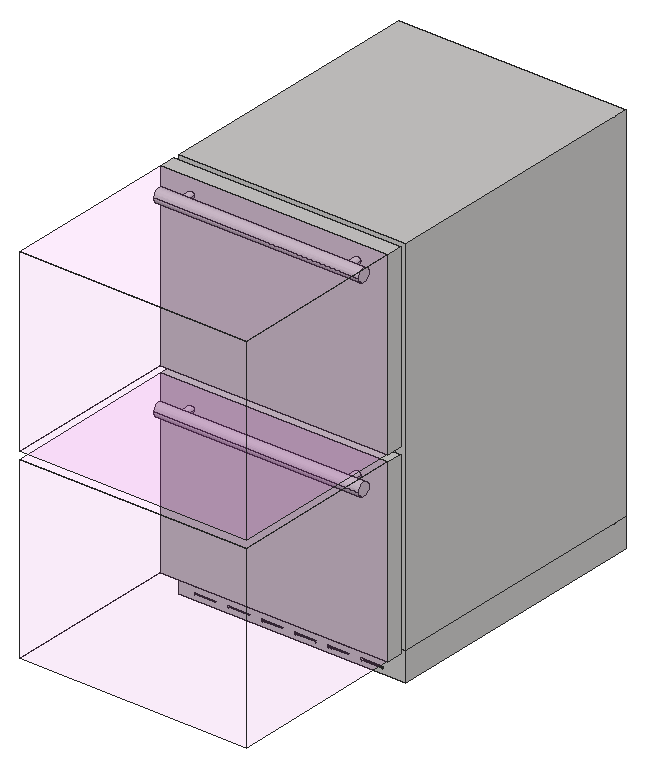
Revit family "QF_Summit_ADRD18_2_Drawer_All_Refrigerator", category Specialty Equipment, Revit 2020
Family settings
  Round Connector Dimension = Use Diameter
  Part Type = Normal
  Work Plane-Based = No
  Always vertical = Yes
  Cut with Voids When Loaded = No
  Shared = No
  Room Calculation Point = No
Parameters
  Weight in Pounds = 100
  Watts = Volts * FL Amps  # 143.75 W
  Volts = 115 V
  URL Cutsheet = ""
  Specification by User = ""
  Specification by Manufacturer = ""
  Show Clearance [instance] = yes
  Serial Number = ""
  Seismic Rating = ""
  SMACNA No = ""
  Revision Code = ""
  Refrigerant Volume = 0.00 kip
  Refrigerant Type = "R600a"
  Phase = 1
  Number of Poles = 1
  NAFEM Spec ID Number = ""
  Model = "ADRD18"
  Min Ckt Ampacity = 0 A
  Max Overcurrent Protection = 0 A
  Masterspec = ""
  Manufacturer = "Summit"
  Length = 17 3/4"
  Item Number = ""
  Installed By = ""
  Identify Quantity as Lot = yes
  Height = 31 1/2"
  HP = ""
  Furnished By = ""
  Foodservice Equipment Identifier = yes
  FL Amps = 1.25 A
  Electrical Remarks = ""
  Electric Connection Type = ""
  Elec Conn RI Height = 0"
  Elec Conn Connection Height = 0"
  Description = "2 Drawer All Refrigerator"
  Depth = 23 1/4"
  Default Elevation = 0"
  Cycle = 60 Hz
  Conn Plug = ""
  Conn Conduit = yes
  CSI MasterFormat = ""
  BTUH = 0.0 Btu/h
  Apparent Power = 0 VA
Reference planes (in)
  plane 1 "BACK": y = 0
  plane 2: z = 0
  plane 3 "LEFT": x = 0
  plane 4 "RIGHT": x = 17.75
  plane 5 "FRONT": y = -21.5
  plane 6 "TOP": z = 31.5
  plane 7 "Center Y": x = 8.875
  plane 8 "Center X": y = -10.75
Dimensions and locks (in)
  equal spacing: plane 3 "LEFT", plane 7 "Center Y", plane 4 "RIGHT"
  "Length": plane 3 "LEFT" to plane 4 "RIGHT"
  equal spacing: plane 5 "FRONT", plane 8 "Center X", plane 1 "BACK"
  plane 5 "FRONT" to plane 1 "BACK" = 21 1/2"
  "Height": plane 6 "TOP" to level
  nested 1 to plane 1 "BACK" = 37"
  plane 1 "BACK" to nested 1 = 23 1/4"
  aligned and locked: level to plane 2
Nested families (in)
  nested 1: "ADRD18" at (0, 0, 0), Show Clearance <- "Show Clearance", type "ADRD18"
    with Show Clearance yes
Connectors (in)
  electrical at (15.2102, 0.03125, 4.5)
    settings: on nested 1, index 1, voltage 0 V, apparent load 0 VA, apparent load phase1 0 VA, apparent load phase2 0 VA, apparent load phase3 0 VA, power factor 1, load classification "Other", number of poles 1, system type 30, power factor state 1, is connector primary yes, connector utility no, sub classification motor no, connector description "ELECTRICAL CONNECTION"
Definition of nested family "ADRD18"
  Parameters (values of type "ADRD18")
    Weight in Pounds = 0
    URL Cutsheet = ""
    Specification by User = ""
    Specification by Manufacturer = ""
    Show Clearance [instance] = yes
    Serial Number = ""
    Seismic Rating = ""
    SMACNA No = ""
    Revision Code = ""
    NAFEM Spec ID Number = ""
    Masterspec = ""
    Length = 17 3/4"
    Item Number = ""
    Installed By = ""
    Identify Quantity as Lot = yes
    Height = 31 1/2"
    Furnished By = ""
    Foodservice Equipment Identifier = yes
    Depth = 21 1/2"
    Default Elevation = 0"
    CSI MasterFormat = ""
  Reference planes (in)
    plane 1 "BACK": y = 0
    plane 2: z = 0
    plane 3 "LEFT": x = 0
    plane 4 "RIGHT": x = 17.75
    plane 5 "FRONT": y = -21.5
    plane 6 "TOP": z = 31.5
    plane 7 "Center Y": x = 8.875
    plane 8 "Center X": y = -10.75
    plane 9: z = 0.75
    plane 10: y = -37
    plane 11: z = 3
    plane 12: y = -21.375
  Forms (in)
    Extrusion 1, solid
      sketch origin (-5.1413, -180, 0.75) x (-1, 0, 0) y (0, -1, 0)
        loop
          line (-5.1413, -180) -> (-5.1413, -158.5) -> (-22.8913, -158.5) -> (-22.8913, -180) -> (-5.1413, -180)
      from 0 to 2.25
    Extrusion 2, solid
      sketch origin (-5.1413, -180, 3) x (-1, 0, 0) y (0, -1, 0)
        loop
          line (-5.1413, -180) -> (-5.1413, -158.5) -> (-22.8913, -158.5) -> (-22.8913, -180) -> (-5.1413, -180)
      from 0 to 28.5
    Extrusion 3, solid
      sketch origin (-38.39759, -180, 31.5) x (-1, 0, 0) y (0, -1, 0)
        loop
          line (-38.39759, -158) -> (-38.39759, -156.75) -> (-56.14759, -156.75) -> (-56.14759, -158) -> (-38.39759, -158)
      from 0 to -14
    Extrusion 4, solid
      sketch origin (0, 0, 0) x (1, 0, 0) y (0, 1, 0)
        loop
          line (0.875, -21.5) -> (0.875, -22) -> (16.875, -22) -> (16.875, -21.5) -> (0.875, -21.5)
      from 3 to 31.00541
    Extrusion 5, solid
      sketch origin (17.75, -180, 17) x (-1, 0, 0) y (0, -1, 0)
        loop
          line (17.75, -158) -> (17.75, -156.75) -> (0, -156.75) -> (0, -158) -> (17.75, -158)
      from 0 to -14
    Extrusion 6, solid
      sketch origin (0, 0, 3) x (1, 0, 0) y (0, 0, -1)
        loop
          circle (15.2102, -1.5) r 0.25
      from 0 to 0.03125
    Extrusion 7, solid
      sketch origin (17.75, -23.25, 31.5) x (-1, 0, 0) y (0, 0, -1)
        loop
          circle (15.375, 1.18983) r 0.25
        loop
          circle (2.375, 1.18983) r 0.25
        loop
          circle (15.375, 16.18983) r 0.25
        loop
          circle (2.375, 16.18983) r 0.25
      from 0 to 1.23758
    Extrusion 8, solid
      sketch origin (0, 0, 0) x (0, 1, 0) y (0, 0, 1)
        loop
          circle (-24.5, 30.33601) r 0.5
        loop
          circle (-24.5, 15.33601) r 0.5
      from 0.875 to 16.875
    Extrusion 9, solid, visible <- "Show Clearance"
      sketch origin (17.75, -180, 3) x (0, -1, 0) y (-1, 0, 0)
        loop
          line (-156.75, 17.75) -> (-156.75, 0) -> (-143, 0) -> (-143, 17.75) -> (-156.75, 17.75)
      from 0 to -14
    Extrusion 10, solid, visible <- "Show Clearance"
      sketch origin (-38.39759, -180, 17.5) x (0, -1, 0) y (-1, 0, 0)
        loop
          line (-156.75, -38.39759) -> (-156.75, -56.14759) -> (-143, -56.14759) -> (-143, -38.39759) -> (-156.75, -38.39759)
      from 0 to -14
    Revolve 11, solid
      sketch origin (0, -17.5, 0.75) x (0, 0, 1) y (1, 0, 0)
        loop
          line (0, 1.75) -> (0, 2.25) -> (-0.75, 2.25) -> (-0.75, 1.75) -> (0, 1.75)
        axis (-0.75, 1.75) -> (0, 1.75)
      angle from 0 to 360
    Revolve 12, solid
      sketch origin (0, -17.5, 0.75) x (0, 0, 1) y (1, 0, 0)
        loop
          line (0, 16) -> (-0.75, 16) -> (-0.75, 15.5) -> (0, 15.5) -> (0, 16)
        axis (-0.75, 16) -> (0, 16)
      angle from 0 to 360
    Revolve 13, solid
      sketch origin (0, -4, 0.75) x (0, 0, 1) y (-1, 0, 0)
        loop
          line (0, -1.75) -> (-0.75, -1.75) -> (-0.75, -2.25) -> (0, -2.25) -> (0, -1.75)
        axis (-0.75, -1.75) -> (0, -1.75)
      angle from 0 to 360
    Revolve 14, solid
      sketch origin (0, -4, 0.75) x (0, 0, 1) y (-1, 0, 0)
        loop
          line (0, -16) -> (0, -15.5) -> (-0.75, -15.5) -> (-0.75, -16) -> (0, -16)
        axis (-0.75, -16) -> (0, -16)
      angle from 0 to 360
    Extrusion 15, void
      sketch origin (17.375, -21.5, 0.75) x (1, 0, 0) y (0, 0, -1)
        loop
          line (-16.00638, -1.84734) -> (-14.43481, -1.84734)
          arc (-14.43481, -1.84734) -> (-14.34106, -1.75359) -> (-14.43481, -1.65984) r 0.09375
          line (-14.43481, -1.65984) -> (-16.00638, -1.65984)
          arc (-16.00638, -1.65984) -> (-16.10013, -1.75359) -> (-16.00638, -1.84734) r 0.09375
        loop
          line (-16.00638, -1.22234) -> (-14.43481, -1.22234)
          arc (-14.43481, -1.22234) -> (-14.34106, -1.12859) -> (-14.43481, -1.03484) r 0.09375
          line (-14.43481, -1.03484) -> (-16.00638, -1.03484)
          arc (-16.00638, -1.03484) -> (-16.10013, -1.12859) -> (-16.00638, -1.22234) r 0.09375
        loop
          line (-16.00638, -0.59734) -> (-14.43481, -0.59734)
          arc (-14.43481, -0.59734) -> (-14.34106, -0.50359) -> (-14.43481, -0.40984) r 0.09375
          line (-14.43481, -0.40984) -> (-16.00638, -0.40984)
          arc (-16.00638, -0.40984) -> (-16.10013, -0.50359) -> (-16.00638, -0.59734) r 0.09375
      from 0 to 0.125
    Extrusion 16, void
      sketch origin (30.375, -21.5, 0.75) x (1, 0, 0) y (0, 0, -1)
        loop
          line (-16.00638, -1.84734) -> (-14.43481, -1.84734)
          arc (-14.43481, -1.84734) -> (-14.34106, -1.75359) -> (-14.43481, -1.65984) r 0.09375
          line (-14.43481, -1.65984) -> (-16.00638, -1.65984)
          arc (-16.00638, -1.65984) -> (-16.10013, -1.75359) -> (-16.00638, -1.84734) r 0.09375
        loop
          line (-16.00638, -1.22234) -> (-14.43481, -1.22234)
          arc (-14.43481, -1.22234) -> (-14.34106, -1.12859) -> (-14.43481, -1.03484) r 0.09375
          line (-14.43481, -1.03484) -> (-16.00638, -1.03484)
          arc (-16.00638, -1.03484) -> (-16.10013, -1.12859) -> (-16.00638, -1.22234) r 0.09375
        loop
          line (-16.00638, -0.59734) -> (-14.43481, -0.59734)
          arc (-14.43481, -0.59734) -> (-14.34106, -0.50359) -> (-14.43481, -0.40984) r 0.09375
          line (-14.43481, -0.40984) -> (-16.00638, -0.40984)
          arc (-16.00638, -0.40984) -> (-16.10013, -0.50359) -> (-16.00638, -0.59734) r 0.09375
      from 0 to 0.125
    Extrusion 17, void
      sketch origin (19.975, -21.5, 0.75) x (1, 0, 0) y (0, 0, -1)
        loop
          line (-16.00638, -1.84734) -> (-14.43481, -1.84734)
          arc (-14.43481, -1.84734) -> (-14.34106, -1.75359) -> (-14.43481, -1.65984) r 0.09375
          line (-14.43481, -1.65984) -> (-16.00638, -1.65984)
          arc (-16.00638, -1.65984) -> (-16.10013, -1.75359) -> (-16.00638, -1.84734) r 0.09375
        loop
          line (-16.00638, -1.22234) -> (-14.43481, -1.22234)
          arc (-14.43481, -1.22234) -> (-14.34106, -1.12859) -> (-14.43481, -1.03484) r 0.09375
          line (-14.43481, -1.03484) -> (-16.00638, -1.03484)
          arc (-16.00638, -1.03484) -> (-16.10013, -1.12859) -> (-16.00638, -1.22234) r 0.09375
        loop
          line (-16.00638, -0.59734) -> (-14.43481, -0.59734)
          arc (-14.43481, -0.59734) -> (-14.34106, -0.50359) -> (-14.43481, -0.40984) r 0.09375
          line (-14.43481, -0.40984) -> (-16.00638, -0.40984)
          arc (-16.00638, -0.40984) -> (-16.10013, -0.50359) -> (-16.00638, -0.59734) r 0.09375
      from 0 to 0.125
    Extrusion 18, void
      sketch origin (22.575, -21.5, 0.75) x (1, 0, 0) y (0, 0, -1)
        loop
          line (-16.00638, -1.84734) -> (-14.43481, -1.84734)
          arc (-14.43481, -1.84734) -> (-14.34106, -1.75359) -> (-14.43481, -1.65984) r 0.09375
          line (-14.43481, -1.65984) -> (-16.00638, -1.65984)
          arc (-16.00638, -1.65984) -> (-16.10013, -1.75359) -> (-16.00638, -1.84734) r 0.09375
        loop
          line (-16.00638, -1.22234) -> (-14.43481, -1.22234)
          arc (-14.43481, -1.22234) -> (-14.34106, -1.12859) -> (-14.43481, -1.03484) r 0.09375
          line (-14.43481, -1.03484) -> (-16.00638, -1.03484)
          arc (-16.00638, -1.03484) -> (-16.10013, -1.12859) -> (-16.00638, -1.22234) r 0.09375
        loop
          line (-16.00638, -0.59734) -> (-14.43481, -0.59734)
          arc (-14.43481, -0.59734) -> (-14.34106, -0.50359) -> (-14.43481, -0.40984) r 0.09375
          line (-14.43481, -0.40984) -> (-16.00638, -0.40984)
          arc (-16.00638, -0.40984) -> (-16.10013, -0.50359) -> (-16.00638, -0.59734) r 0.09375
      from 0 to 0.125
    Extrusion 19, void
      sketch origin (25.175, -21.5, 0.75) x (1, 0, 0) y (0, 0, -1)
        loop
          line (-16.00638, -1.84734) -> (-14.43481, -1.84734)
          arc (-14.43481, -1.84734) -> (-14.34106, -1.75359) -> (-14.43481, -1.65984) r 0.09375
          line (-14.43481, -1.65984) -> (-16.00638, -1.65984)
          arc (-16.00638, -1.65984) -> (-16.10013, -1.75359) -> (-16.00638, -1.84734) r 0.09375
        loop
          line (-16.00638, -1.22234) -> (-14.43481, -1.22234)
          arc (-14.43481, -1.22234) -> (-14.34106, -1.12859) -> (-14.43481, -1.03484) r 0.09375
          line (-14.43481, -1.03484) -> (-16.00638, -1.03484)
          arc (-16.00638, -1.03484) -> (-16.10013, -1.12859) -> (-16.00638, -1.22234) r 0.09375
        loop
          line (-16.00638, -0.59734) -> (-14.43481, -0.59734)
          arc (-14.43481, -0.59734) -> (-14.34106, -0.50359) -> (-14.43481, -0.40984) r 0.09375
          line (-14.43481, -0.40984) -> (-16.00638, -0.40984)
          arc (-16.00638, -0.40984) -> (-16.10013, -0.50359) -> (-16.00638, -0.59734) r 0.09375
      from 0 to 0.125
    Extrusion 20, void
      sketch origin (27.775, -21.5, 0.75) x (1, 0, 0) y (0, 0, -1)
        loop
          line (-16.00638, -1.84734) -> (-14.43481, -1.84734)
          arc (-14.43481, -1.84734) -> (-14.34106, -1.75359) -> (-14.43481, -1.65984) r 0.09375
          line (-14.43481, -1.65984) -> (-16.00638, -1.65984)
          arc (-16.00638, -1.65984) -> (-16.10013, -1.75359) -> (-16.00638, -1.84734) r 0.09375
        loop
          line (-16.00638, -1.22234) -> (-14.43481, -1.22234)
          arc (-14.43481, -1.22234) -> (-14.34106, -1.12859) -> (-14.43481, -1.03484) r 0.09375
          line (-14.43481, -1.03484) -> (-16.00638, -1.03484)
          arc (-16.00638, -1.03484) -> (-16.10013, -1.12859) -> (-16.00638, -1.22234) r 0.09375
        loop
          line (-16.00638, -0.59734) -> (-14.43481, -0.59734)
          arc (-14.43481, -0.59734) -> (-14.34106, -0.50359) -> (-14.43481, -0.40984) r 0.09375
          line (-14.43481, -0.40984) -> (-16.00638, -0.40984)
          arc (-16.00638, -0.40984) -> (-16.10013, -0.50359) -> (-16.00638, -0.59734) r 0.09375
      from 0 to 0.125
  Cuts and joins
    joined: Extrusion 2, Extrusion 6
    joined: Extrusion 7, Extrusion 8
    Extrusion 15, Extrusion 16, Extrusion 17, Extrusion 18, Extrusion 19, Extrusion 20 cuts Extrusion 1
  Lines and regions (in)
    symbolic lines, visible <- "Show Clearance"
      curve 1: line (0, -23.25, 0) -> (0, -37, 0)
      curve 2: line (0, -37, 0) -> (17.75, -37, 0)
      curve 3: line (17.75, -37, 0) -> (17.75, -23.25, 0)
    symbolic lines
      curve 4: line (17.75, -23.25, 0) -> (0, -23.25, 0)
      curve 5: line (17.75, -22, 0) -> (0, -22, 0)
      curve 6: line (0, -22, 0) -> (0, -23.25, 0)
      curve 7: line (17.75, -23.25, 0) -> (17.75, -22, 0)
      curve 8: line (16.875, -22, 0) -> (16.875, -21.5, 0)
      curve 9: line (0, -21.5, 0) -> (17.75, -21.5, 0)
      curve 10: line (0.875, -21.5, 0) -> (0.875, -22, 0)
      curve 11: line (0, 0, 0) -> (0, -21.5, 0)
      curve 12: line (17.75, 0, 0) -> (0, 0, 0)
      curve 13: line (0.875, -24, 0) -> (0.875, -25, 0)
      curve 14: line (0.875, -25, 0) -> (16.875, -25, 0)
      curve 15: line (16.875, -25, 0) -> (16.875, -24.00067, 0)
      curve 16: line (2.12634, -24, 0) -> (2.12634, -23.25, 0)
      curve 17: line (2.625, -24.00067, 0) -> (2.625, -23.25, 0)
      curve 18: line (15.125, -24.00067, 0) -> (15.125, -23.25, 0)
      curve 19: line (15.625, -24.00067, 0) -> (15.625, -23.25, 0)
      curve 20: line (15.625, -24.00067, 0) -> (16.875, -24.00067, 0)
      curve 21: line (2.625, -24.00067, 0) -> (15.125, -24.00067, 0)
      curve 22: line (2.12634, -24, 0) -> (0.875, -24, 0)
      curve 23: line (2.125, -24.00067, 0) -> (2.625, -24.00067, 0)
      curve 24: line (15.125, -24.00067, 0) -> (15.625, -24.00067, 0)
      curve 25: line (17.75, -21.5, 0) -> (17.75, 0, 0)
  Dimensions and locks (in)
    equal spacing: plane 3 "LEFT", plane 7 "Center Y", plane 4 "RIGHT"
    "Length": plane 3 "LEFT" to plane 4 "RIGHT"
    equal spacing: plane 5 "FRONT", plane 8 "Center X", plane 1 "BACK"
    "Depth": plane 5 "FRONT" to plane 1 "BACK"
    "Height": plane 6 "TOP" to level
    plane 1 "BACK" to plane 10 = 37"
    plane 6 "TOP" to plane 9 = 30 3/4"
    plane 5 "FRONT" to plane 12 = 1/8"
    equal spacing: group 1, group 3, group 4, group 5, group 6, group 2  (x3)
    aligned and locked: level to plane 2
    aligned and locked: plane 12 to Extrusion 16
  Automatic sketch dimensions
    curve 1 to plane 3 "LEFT" = 0"
    plane 1 "BACK" to curve 11 = 0"
    curve 11 to plane 3 "LEFT" = 0"
    plane 5 "FRONT" to curve 10 = 0"
    curve 7 to plane 4 "RIGHT" = 0"
    curve 12 to plane 4 "RIGHT" = 0"
    curve 1 to plane 10 = 0"
    plane 3 "LEFT" to curve 14 = 7/8"
    curve 13 to curve 22 = 1.25134"
    curve 16 to curve 17 = 0.49866"
    plane 4 "RIGHT" to curve 24 = 2 5/8"
    curve 18 to curve 24 = 1/2"
    plane 4 "RIGHT" to curve 20 = 7/8"
    curve 23 to curve 16 = 0.00067"
    plane 3 "LEFT" to curve 10 = 7/8"
    curve 23 to curve 16 = 0.00134"
    plane 4 "RIGHT" to curve 8 = 7/8"
    plane 1 "BACK" to Extrusion 1 sketch curve = 0"
    Extrusion 1 sketch curve to plane 4 "RIGHT" = 0"
    Extrusion 1 sketch curve to plane 3 "LEFT" = 0"
    plane 5 "FRONT" to Extrusion 1 sketch curve = 0"
    Extrusion 2 sketch curve to Extrusion 1 = 0"  (x4)
    Extrusion 3 sketch curve to plane 4 "RIGHT" = 0"
    Extrusion 3 sketch curve to plane 3 "LEFT" = 0"
    plane 5 "FRONT" to Extrusion 4 sketch curve = 0"
    plane 3 "LEFT" to Extrusion 4 sketch curve = 7/8"
    plane 4 "RIGHT" to Extrusion 4 sketch curve = 7/8"
    Extrusion 5 sketch curve to plane 4 "RIGHT" = 0"
    Extrusion 5 sketch curve to plane 3 "LEFT" = 0"
    Extrusion 6 sketch curve to Extrusion 2 = 2.5398"
    Extrusion 2 to Extrusion 6 sketch curve = 1 1/2"
    Extrusion 7 sketch curve to Extrusion 3 = 2 3/8"  (x2)
    Extrusion 3 to Extrusion 7 sketch curve = 2 3/8"  (x2)
    Extrusion 3 to Extrusion 7 sketch curve = 1.18983"  (x2)
    Extrusion 7 sketch curve to Extrusion 3 = 2.18983"  (x2)
    plane 11 to Extrusion 8 sketch curve = 12.33601"
    Extrusion 8 sketch curve to plane 6 "TOP" = 1.16399"
    Extrusion 9 sketch curve to Extrusion 5 = 0"  (x3)
    Extrusion 9 sketch curve to Extrusion 5 = 13 3/4"
    Extrusion 10 sketch curve to Extrusion 3 = 0"  (x3)
    Extrusion 10 sketch curve to Extrusion 3 = 13 3/4"
    Revolve 11 sketch curve to level = 0"  (x2)
    Revolve 11 sketch curve to plane 9 = 0"
    plane 3 "LEFT" to Revolve 11 sketch curve = 1 3/4"
    Revolve 11 sketch curve to Revolve 11 sketch curve = 1/2"
    Revolve 11 sketch curve to Revolve 11 sketch curve = 3/8"
    Revolve 11 sketch curve to Revolve 11 sketch curve = 0"
    Revolve 12 sketch curve to level = 0"  (x2)
    Revolve 12 sketch curve to plane 9 = 0"
    plane 4 "RIGHT" to Revolve 12 sketch curve = 2 1/4"
    Revolve 12 sketch curve to Revolve 12 sketch curve = 1/2"
    Revolve 12 sketch curve to Revolve 12 sketch curve = 3/8"
    Revolve 12 sketch curve to Revolve 12 sketch curve = 0"
    Revolve 13 sketch curve to level = 0"  (x2)
    Revolve 13 sketch curve to plane 9 = 0"
    plane 3 "LEFT" to Revolve 13 sketch curve = 2 1/4"
    Revolve 13 sketch curve to Revolve 13 sketch curve = 1/2"
    Revolve 13 sketch curve to Revolve 13 sketch curve = 3/8"
    Revolve 13 sketch curve to Revolve 13 sketch curve = 0"
    Revolve 14 sketch curve to level = 0"  (x2)
    Revolve 14 sketch curve to plane 9 = 0"
    plane 4 "RIGHT" to Revolve 14 sketch curve = 1 3/4"
    Revolve 14 sketch curve to Revolve 14 sketch curve = 1/2"
    Revolve 14 sketch curve to Revolve 14 sketch curve = 3/8"
    Revolve 14 sketch curve to Revolve 14 sketch curve = 0"
    curve 13 to curve 10 = 3 1/2"
    curve 14 to curve 24 = 0.99933"
    curve 15 to curve 7 = 0.75067"
    curve 7 to curve 9 = 1/2"
    plane 5 "FRONT" to Extrusion 3 sketch curve = 1/2"
    Extrusion 3 sketch curve to Extrusion 3 sketch curve = 1 1/4"
    Extrusion 4 sketch curve to Extrusion 4 sketch curve = 1/2"
    plane 5 "FRONT" to Extrusion 5 sketch curve = 1/2"
    Extrusion 5 sketch curve to Extrusion 5 sketch curve = 1 1/4"
    plane 5 "FRONT" to Extrusion 8 sketch curve = 3"  (x2)
    Extrusion 15 sketch curve to Extrusion 15 sketch curve = 0"  (x4)
    Extrusion 15 sketch curve to Extrusion 15 sketch curve = 1.57156"
    Extrusion 15 sketch curve to Extrusion 15 sketch curve = 3/32"  (x3)
    Extrusion 15 sketch curve to Extrusion 15 sketch curve = 7/16"  (x2)
    Extrusion 16 sketch curve to Extrusion 16 sketch curve = 0"  (x4)
    Extrusion 16 sketch curve to Extrusion 16 sketch curve = 1.57156"
    Extrusion 16 sketch curve to Extrusion 16 sketch curve = 3/32"  (x3)
    Extrusion 16 sketch curve to Extrusion 16 sketch curve = 7/16"  (x2)
    Extrusion 17 sketch curve to Extrusion 17 sketch curve = 0"  (x4)
    Extrusion 17 sketch curve to Extrusion 17 sketch curve = 1.57156"
    Extrusion 17 sketch curve to Extrusion 17 sketch curve = 3/32"  (x3)
    Extrusion 17 sketch curve to Extrusion 17 sketch curve = 7/16"  (x2)
    Extrusion 18 sketch curve to Extrusion 18 sketch curve = 0"  (x4)
    Extrusion 18 sketch curve to Extrusion 18 sketch curve = 1.57156"
    Extrusion 18 sketch curve to Extrusion 18 sketch curve = 3/32"  (x3)
    Extrusion 18 sketch curve to Extrusion 18 sketch curve = 7/16"  (x2)
    Extrusion 19 sketch curve to Extrusion 19 sketch curve = 0"  (x4)
    Extrusion 19 sketch curve to Extrusion 19 sketch curve = 1.57156"
    Extrusion 19 sketch curve to Extrusion 19 sketch curve = 3/32"  (x3)
    Extrusion 19 sketch curve to Extrusion 19 sketch curve = 7/16"  (x2)
    Extrusion 20 sketch curve to Extrusion 20 sketch curve = 0"  (x4)
    Extrusion 20 sketch curve to Extrusion 20 sketch curve = 1.57156"
    Extrusion 20 sketch curve to Extrusion 20 sketch curve = 3/32"  (x3)
    Extrusion 20 sketch curve to Extrusion 20 sketch curve = 7/16"  (x2)
    radius of Extrusion 6 sketch curve = 1/4"
    radius of Extrusion 7 sketch curve = 1/4"  (x4)
    radius of Extrusion 8 sketch curve = 1/2"  (x2)
